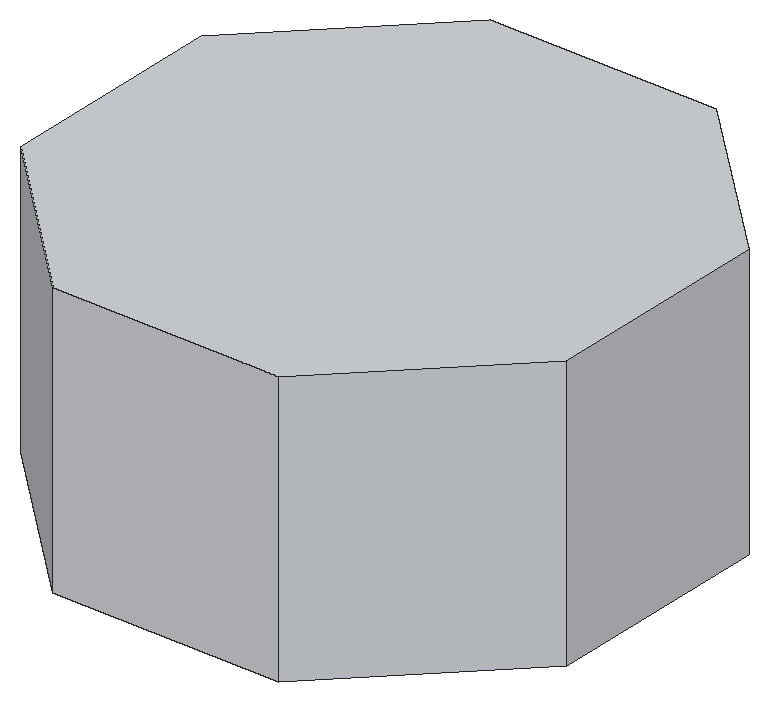
Revit family "0301ce1cfc1c413f96170adf60864301", category Conduit Fittings, Revit 2021
Family settings
  Round Connector Dimension = Use Radius
  Part Type = Multi Port
  OmniClass Number = 23.80.30.17.11
  OmniClass Title = Conduits
  Work Plane-Based = No
  Always vertical = Yes
  Cut with Voids When Loaded = No
  Shared = No
Parameters (values of type "Standard")
  Width [instance] = Length  # 4"
  Nominal Radius 4 [instance] = 1/4"
  Nominal Radius 3 [instance] = 1/4"
  Nominal Radius 2 [instance] = 1/4"
  Nominal Radius 1 [instance] = 1/4"
  Nominal Diameter 4 [instance] = Nominal Radius 4 * 2  # 1/2"
  Nominal Diameter 3 [instance] = Nominal Radius 3 * 2  # 1/2"
  Nominal Diameter 2 [instance] = Nominal Radius 2 * 2  # 1/2"
  Nominal Diameter 1 [instance] = Nominal Radius 1 * 2  # 1/2"
  Max Nominal Diameter 34 [instance] = if(Nominal Diameter 3 > Nominal Diameter 4, Nominal Diameter 3, Nominal Diameter 4)  # 1/2"
  Max Nominal Diameter 1234 [instance] = if(Max Nominal Diameter 12 > Max Nominal Diameter 34, Max Nominal Diameter 12, Max Nominal Diameter 34)  # 1/2"
  Max Nominal Diameter 12 [instance] = if(Nominal Diameter 1 > Nominal Diameter 2, Nominal Diameter 1, Nominal Diameter 2)  # 1/2"
  Length 2 [instance] = 0.5 * Length / (1 + 2 * cos(45.00°))  # 0.82843"
  Length 1 [instance] = Length * 0.5  # 2"
  Length [instance] = if(not(Max Nominal Diameter 1234 > 0' 1"), 0' 4", 8 * Max Nominal Diameter 1234)  # 4"
  Height [instance] = if(not(Max Nominal Diameter 1234 > 0' 1"), 0' 2", if(Max Nominal Diameter 1234 < 0' 6", 0' 6", Max Nominal Diameter 1234 * 1.2))  # 2"
  Default Elevation = 0' - 0"
Reference planes (in)
  plane 1 "Center (Front/Back)": y = 0
  plane 2: z = 0
  plane 3 "Center (Left/Right)": x = 0
  plane 4: y = 2
  plane 5: y = -2
  plane 6: z = -1
  plane 7: z = 1
  plane 8: x = -2
  plane 9: x = 2
  plane 10: y = 0.82843
  plane 11: y = -0.82843
  plane 12: x = -0.82843
  plane 13: x = 0.82843
Forms (in)
  Extrusion 1, solid
    sketch origin (0, 0, 0) x (1, 0, 0) y (0, 1, 0)
      loop
        line (-2, 0.82843) -> (-2, -0.82843) -> (-0.82843, -2) -> (0.82843, -2) -> (2, -0.82843) -> (2, 0.82843) -> (0.82843, 2) -> (-0.82843, 2) -> (-2, 0.82843)
    from -1 to 1
Dimensions and locks (in)
  equal spacing: plane 7, plane 2, plane 6
  locked: level to plane 2
  "Height": plane 7 to plane 6
  "Length 1": plane 8 to plane 3 "Center (Left/Right)"
  "Length 1": plane 3 "Center (Left/Right)" to plane 9
  "Length 1": plane 4 to plane 1 "Center (Front/Back)"
  "Length 1": plane 1 "Center (Front/Back)" to plane 5
  "Length 2": plane 12 to plane 3 "Center (Left/Right)"
  "Length 2": plane 3 "Center (Left/Right)" to plane 13
  "Length 2": plane 10 to plane 1 "Center (Front/Back)"
  "Length 2": plane 1 "Center (Front/Back)" to plane 11
  aligned and locked: Extrusion 1 sketch curve to plane 9
  aligned and locked: plane 8 to Extrusion 1 sketch curve  (x2)
  aligned and locked: plane 10 to Extrusion 1 sketch curve  (x2)
  aligned and locked: plane 4 to Extrusion 1 sketch curve  (x2)
  aligned and locked: plane 12 to Extrusion 1 sketch curve  (x2)
  aligned and locked: plane 13 to Extrusion 1 sketch curve  (x2)
  aligned and locked: plane 11 to Extrusion 1 sketch curve  (x2)
  aligned and locked: plane 9 to Extrusion 1 sketch curve
  aligned and locked: plane 5 to Extrusion 1 sketch curve
  aligned and locked: Extrusion 1 to plane 6
  aligned and locked: plane 7 to Extrusion 1
Connectors (in)
  cabletrayconduit at (-2, 0, 0), diameter 0.5, driven by "Nominal Radius 1"
    settings: on Extrusion 1, index 1, connector width 1' - 0", connector height 1' - 0", connector angle 0.00°, system type 32, placement type 0, profile type 0, connector reference index 2, is primary connector yes, connector utility param no, connector description ""
  cabletrayconduit at (2, 0, 0), diameter 0.5, driven by "Nominal Radius 2"
    settings: on Extrusion 1, index 2, connector width 1' - 0", connector height 1' - 0", connector angle 0.00°, system type 32, placement type 0, profile type 0, connector reference index 1, is primary connector no, connector utility param no, connector description ""
  cabletrayconduit at (0, -2, 0), diameter 0.5, driven by "Nominal Radius 3"
    settings: on Extrusion 1, index 3, connector width 1' - 0", connector height 1' - 0", connector angle 0.00°, system type 32, placement type 0, profile type 0, connector reference index 4, is primary connector no, connector utility param no, connector description ""
  cabletrayconduit at (0, 2, 0), diameter 0.5, driven by "Nominal Radius 4"
    settings: on Extrusion 1, index 4, connector width 1' - 0", connector height 1' - 0", connector angle 0.00°, system type 32, placement type 0, profile type 0, connector reference index 3, is primary connector no, connector utility param no, connector description ""
